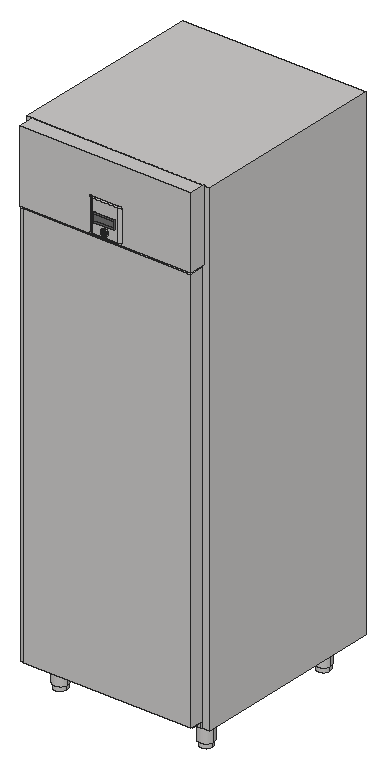
Revit family "QF_ELECTROLUXPROFESSIONAL_725395_ERX71FRH", category Specialty Equipment, Revit 2018
Family settings
  Round Connector Dimension = Use Diameter
  Part Type = Normal
  Work Plane-Based = No
  Always vertical = Yes
  Cut with Voids When Loaded = No
  Shared = No
  Room Calculation Point = No
Parameters (values of type "Standard")
  Weight = 106.00 kg
  Watts = 0 W
  Volts = 220 V
  URL Manufacturer = "http://professional.electrolux.com"
  URL = "http://professional.electrolux.com"
  Steam Supply Size = 0 mm
  Steam Supply Minimum Pressure = 0.0 Pa
  Steam Supply Maximum Pressure = 0.0 Pa
  Steam Pounds per Hour = 0
  Refrigeration Suction Line Size = 0 mm
  Refrigeration Liquid Line Size = 0 mm
  Refrigerant Compressor Remote = yes
  Manufacturer = "Electrolux Professional"
  Phase = 1
  Model = "ERX71FRH"
  Length Actual = 740 mm  # constant formula
  Item Number = "725395"
  Hot Water Size = 0 mm
  Height Actual = 2080 mm  # constant formula
  HP = "0.2 HP"
  Gas Size = 0 mm
  Gas KW = 0
  Gas Input Pressure = 0 W
  Direct Waste Size = 0 mm
  Description = "1-DOOR REFRIGERATOR 670L -2+10°C,DIGITAL WITH LIGHT, A304 - R290 - CLASS B"
  Depth Actual = 860 mm  # constant formula
  Cycle = 50 Hz
  Condensate Return Size = 0 mm
  Compressed Air Volume = 0.0 L/s
  Compressed Air Size = 0 mm
  Compressed Air Pressure = 0.0 Pa
  Cold Water Size = 0 mm
  Accessory = yes
Reference planes
  plane 1 "Center (Front/Back)": y = 0
  plane 2: z = 0
  plane 3 "Center (Left/Right)": x = 0
  plane 4 "BASE": z = 110
  plane 5 "TOP": z = 2080
  plane 6 "FRONT": y = -430
  plane 7 "BACK": y = 430
  plane 8 "LEFT": x = -370
  plane 9 "RIGHT": x = 370
Forms (mm)
  Extrusion 1, solid, material "QF_Finishes_Stainless Steel"
    sketch origin (-14.5, 0, 0) x (1, 0, 0) y (0, 1, 0)
      loop
        circle (-264, 333) r 25
      loop
        circle (293, 333) r 25
      loop
        circle (-280.5, -281) r 25
      loop
        circle (309.5, -281) r 25
    from 0 to 20
  Extrusion 2, solid, material "QF_Finishes_Stainless Steel"
    sketch origin (0, 0, 0) x (1, 0, 0) y (0, 1, 0)
      loop
        circle (-278.5, 333) r 30
      loop
        circle (278.5, 333) r 30
      loop
        circle (295, -281) r 30
      loop
        circle (-295, -281) r 30
    from 20 to 110
  Extrusion 3, solid, material "QF_Finishes_Stainless Steel"
    sketch origin (0, 0, 110) x (-1, 0, 0) y (0, -1, 0)
      loop
        line (370, -430) -> (370, 358) -> (-370, 358) -> (-370, -430) -> (370, -430)
    from 0 to 1970
  Extrusion 4, solid
    sketch origin (0, 430, 1690) x (-1, 0, 0) y (0, 0, 1)
      loop
        circle (354, 124) r 10
    from 0 to 3.2
  Extrusion 5, solid, material "QF_Door-Drawer Clearances", detail levels coarse
    sketch origin (-17, 0, 110) x (-1, 0, 0) y (0, -1, 0)
      loop
        line (-362, 422) -> (-298, 422) -> (-298, 1033) -> (-306, 1033) -> (-306, 1051) -> (-324, 1051) -> (-324, 1073) -> (-362, 1073) -> (-362, 422)
    from 1672.965 to 28
  Extrusion 6, solid, material "QF_Door-Drawer Clearances", detail levels coarse
    sketch origin (0, 0, 110) x (-1, 0, 0) y (0, -1, 0)
      loop
        line (-281, 422) -> (345.293, 422)
        arc (345.293, 422) -> (150.197, 878.811) -> (-307, 1073) r 665
        line (-307, 1073) -> (-307, 1051) -> (-289, 1051) -> (-289, 1033) -> (-281, 1033) -> (-281, 422)
    from 1672.965 to 28
  Extrusion 7, solid, material "QF_Clearances", detail levels coarse
    sketch origin (0, 0, 110) x (-1, 0, 0) y (0, -1, 0)
      loop
        line (370, 430) -> (370, -430) -> (-370, -430) -> (-370, 430) -> (-400, 430) -> (-400, -460) -> (400, -460) -> (400, 430) -> (370, 430)
    from -110 to 1970
  Extrusion 8, solid, material "QF_Clearances", detail levels coarse
    sketch origin (0, 0, 2080) x (-1, 0, 0) y (0, -1, 0)
      loop
        line (400, -460) -> (400, 430) -> (-400, 430) -> (-400, -460) -> (400, -460)
    from 0 to 500
  Extrusion 9, void
    sketch origin (0, 430, 0) x (-1, 0, 0) y (0, 0, 1)
      loop
        line (280, 1723.199) -> (-280, 1723.199) -> (-280, 179.492) -> (0, 170) -> (280, 179.199) -> (280, 1723.199)
    from -56 to -763
Cuts and joins
  joined: Extrusion 7, Extrusion 8
  Extrusion 9 cuts Extrusion 3
Lines and regions (mm)
  symbolic lines, style "SpecialityEquipmentHiddenLines"
    curve 1: line (345, -422, 110) -> (345, -1073, 110)
    curve 7: line (281, -422, 110) -> (281, -1033, 110)
    curve 8: line (281, -1033, 110) -> (289, -1033, 110)
    curve 9: line (289, -1033, 110) -> (289, -1051, 110)
    curve 10: line (289, -1051, 110) -> (307, -1051, 110)
    curve 11: line (307, -1051, 110) -> (307, -1073, 110)
    curve 12: line (307, -1073, 110) -> (345, -1073, 110)
  symbolic lines, style "QF_Clearances", detail levels coarse
    curve 2: line (-370, -430, 2080) -> (-400, -430, 2080)
    curve 3: line (-400, -430, 2080) -> (-400, 460, 2080)
    curve 4: line (-400, 460, 2080) -> (400, 460, 2080)
    curve 5: line (400, 460, 2080) -> (400, -430, 2080)
    curve 6: line (400, -430, 2080) -> (370, -430, 2080)
  symbolic lines
    curve 13: line (345, -422, 110) -> (-345, -422, 110)
Dimensions and locks
  plane 7 "BACK" to plane 1 "Center (Front/Back)" to plane 6 "FRONT" = 430 mm, 430 mm
  equal spacing: plane 8 "LEFT", plane 3 "Center (Left/Right)", plane 9 "RIGHT"
  plane 8 "LEFT" to plane 9 "RIGHT" = 740 mm
  plane 7 "BACK" to plane 6 "FRONT" = 860 mm
  plane 5 "TOP" to plane 2 = 2080 mm
  equal spacing: plane 9 "RIGHT", plane 3 "Center (Left/Right)", plane 8 "LEFT"
  aligned and locked: level to plane 2
Automatic sketch dimensions
  Extrusion 3 sketch curve to plane 7 "BACK" = 0 mm
  Extrusion 3 sketch curve to plane 9 "RIGHT" = 0 mm
  Extrusion 3 sketch curve to plane 8 "LEFT" = 0 mm
  plane 8 "LEFT" to Extrusion 4 sketch curve = 16 mm
  plane 4 "BASE" to Extrusion 4 sketch curve = 1704 mm
  Extrusion 7 sketch curve to plane 6 "FRONT" = 0 mm  (x2)
  Extrusion 7 sketch curve to plane 7 "BACK" = 0 mm
  Extrusion 7 sketch curve to plane 9 "RIGHT" = 0 mm
  Extrusion 7 sketch curve to plane 8 "LEFT" = 0 mm
  Extrusion 7 sketch curve to plane 9 "RIGHT" = 30 mm
  Extrusion 7 sketch curve to plane 8 "LEFT" = 30 mm
  plane 7 "BACK" to Extrusion 7 sketch curve = 30 mm
  Extrusion 8 sketch curve to plane 6 "FRONT" = 0 mm
  Extrusion 8 sketch curve to plane 9 "RIGHT" = 30 mm
  Extrusion 8 sketch curve to plane 8 "LEFT" = 30 mm
  plane 7 "BACK" to Extrusion 8 sketch curve = 30 mm
  plane 8 "LEFT" to Extrusion 1 sketch curve = 75 mm
  plane 8 "LEFT" to Extrusion 1 sketch curve = 91.5 mm
  plane 9 "RIGHT" to Extrusion 1 sketch curve = 91.5 mm
  plane 9 "RIGHT" to Extrusion 1 sketch curve = 75 mm
  plane 6 "FRONT" to Extrusion 1 sketch curve = 149 mm  (x2)
  Extrusion 1 sketch curve to plane 7 "BACK" = 97 mm  (x2)
  plane 8 "LEFT" to Extrusion 2 sketch curve = 75 mm
  plane 8 "LEFT" to Extrusion 2 sketch curve = 91.5 mm
  plane 9 "RIGHT" to Extrusion 2 sketch curve = 91.5 mm
  plane 9 "RIGHT" to Extrusion 2 sketch curve = 75 mm
  plane 6 "FRONT" to Extrusion 2 sketch curve = 149 mm  (x2)
  Extrusion 2 sketch curve to plane 7 "BACK" = 97 mm  (x2)
  plane 6 "FRONT" to Extrusion 3 sketch curve = 72 mm
  Extrusion 9 sketch curve to plane 3 "Center (Left/Right)" = 0 mm
  plane 9 "RIGHT" to Extrusion 9 sketch curve = 90 mm
  plane 8 "LEFT" to Extrusion 9 sketch curve = 90 mm
  plane 4 "BASE" to Extrusion 9 sketch curve = 60 mm
  plane 4 "BASE" to Extrusion 9 sketch curve = 69.199 mm
  plane 4 "BASE" to Extrusion 9 sketch curve = 69.492 mm
  Extrusion 9 sketch curve to plane 5 "TOP" = 356.801 mm
  curve 6 to plane 6 "FRONT" = 0 mm
  curve 6 to plane 9 "RIGHT" = 0 mm
  curve 2 to plane 6 "FRONT" = 0 mm
  curve 2 to plane 8 "LEFT" = 0 mm
  curve 5 to plane 9 "RIGHT" = 30 mm
  curve 3 to plane 8 "LEFT" = 30 mm
  plane 7 "BACK" to curve 4 = 30 mm
  plane 9 "RIGHT" to Extrusion 5 sketch curve = 25 mm
  plane 9 "RIGHT" to Extrusion 5 sketch curve = 81 mm
  plane 6 "FRONT" to Extrusion 5 sketch curve = 8 mm
  Extrusion 5 sketch curve to Extrusion 5 sketch curve = 64 mm
  Extrusion 5 sketch curve to plane 6 "FRONT" = 603 mm
  Extrusion 5 sketch curve to Extrusion 5 sketch curve = 18 mm  (x2)
  Extrusion 5 sketch curve to Extrusion 5 sketch curve = 22 mm
  plane 6 "FRONT" to Extrusion 6 sketch curve = 21.881 mm
  plane 9 "RIGHT" to Extrusion 6 sketch curve = 50.438 mm
  plane 9 "RIGHT" to Extrusion 6 sketch curve = 63 mm
  Extrusion 6 sketch curve to Extrusion 6 sketch curve = 18 mm  (x2)
  plane 6 "FRONT" to Extrusion 6 sketch curve = 8 mm
  Extrusion 6 sketch curve to Extrusion 6 sketch curve = 38.562 mm
  Extrusion 6 sketch curve to Extrusion 6 sketch curve = 22 mm
  plane 8 "LEFT" to Extrusion 6 sketch curve = 24.707 mm
  plane 9 "RIGHT" to curve 1 = 25 mm
  curve 1 to curve 11 = 38 mm
  curve 10 to curve 10 = 18 mm
  curve 8 to curve 7 = 8 mm
  plane 6 "FRONT" to curve 13 = 8 mm
  curve 8 to plane 6 "FRONT" = 603 mm
  curve 8 to curve 11 = 18 mm
  curve 10 to curve 11 = 22 mm
  plane 8 "LEFT" to curve 13 = 25 mm
  radius of Extrusion 1 sketch curve = 25 mm  (x4)
  radius of Extrusion 2 sketch curve = 30 mm  (x4)
  radius of Extrusion 4 sketch curve = 10 mm
Nested families
  nested 1: "QF_727996_Door" at (0, -358, 968.365) x (1, 0, 0) z (0, -1, 0), type "QF_727996_Door"
    with Show Clearance yes
  nested 2: "Freezer" at (370, -442.5, 110), type "Freezer"
Connectors
  electrical at (-354, 433.2, 1814), driven by "Volts"
    settings: on Extrusion 4, index 2, voltage 220 V, apparent load 0 VA, apparent load phase1 0 VA, apparent load phase2 0 VA, apparent load phase3 0 VA, power factor 1, load classification "Other", number of poles 1, system type 30, power factor state 1, is connector primary yes, connector utility no, sub classification motor no, connector description "Electrical Connection"
Definition of nested family "QF_727996_Door"
  Parameters
    Show Clearance [instance] = yes
    Model = "727996"
    Default Elevation = 1219.2 mm
  Reference planes
    plane 1 "Center (Front/Back)": y = 0
    plane 2: z = 0
    plane 3 "Center (Left/Right)": x = 0
  Forms (mm)
    Extrusion 1, solid
      sketch origin (0, -919.2, 0) x (1, 0, 0) y (0, 1, 0)
        loop
          line (-460, 2119.2) -> (-460, -162.846) -> (488.967, -162.846) -> (488.967, 2119.2) -> (-460, 2119.2)
      from 0 to -59.546
    Extrusion 2, solid
      sketch origin (0, 0, 0) x (1, 0, 0) y (0, 0, 1)
        loop
          line (-345, 64) -> (-345, 0) -> (345, 0) -> (345, 64) -> (-345, 64)
      from -1111.6 to -821.6
    Extrusion 3, solid
      sketch origin (0, 0, 0) x (1, 0, 0) y (0, 0, 1)
        loop
          line (-345, 60) -> (-345, 26) -> (-323, 26) -> (-323, 8) -> (-305, 8) -> (-305, 0) -> (337, 0) -> (337, 8) -> (345, 8) -> (345, 64) -> (-330, 64) -> (-345, 60)
      from -814.6 to 830.4
    Extrusion 4, solid
      sketch origin (117, -516.365, 0) x (0, 1, 0) y (0, 0, 1)
        loop
          line (-323.003, 40.312) -> (-316.501, 40.312) -> (-316.501, 42.812) -> (-325.503, 42.812) -> (-325.503, 2.5) -> (-342, 2.5) -> (-342, 0) -> (-323.003, 0) -> (-323.003, 12.259) -> (-323.003, 40.312)
        loop
          line (-314, 38.311) -> (-316.501, 38.311) -> (-316.501, 14.304) -> (-319.752, 14.304) -> (-319.752, 11.804) -> (-314, 11.804) -> (-314, 38.311)
      from 185 to 220
    Extrusion 5, solid
      sketch origin (117, 499.597, 0) x (0, 1, 0) y (0, 0, 1)
        loop
          line (315.003, 27.948) -> (315.003, 2.948) -> (315.003, 0) -> (322.003, 0) -> (322.003, 2.5) -> (317.503, 2.5) -> (317.503, 27.948) -> (315.003, 27.948)
      from 185 to 220
  Lines and regions (mm)
    symbolic lines
      curve 1: line (-345, 0, 64) -> (345, 0, 64)
      curve 2: line (-345, 0, 0) -> (-345, 0, 64)
      curve 3: line (345, 0, 0) -> (-345, 0, 0)
      curve 4: line (345, 0, 64) -> (345, 0, 0)
      curve 5: line (-345, 0, 26) -> (-323, 0, 26)
      curve 6: line (-323, 0, 26) -> (-323, 0, 8)
      curve 7: line (-323, 0, 8) -> (-305, 0, 8)
      curve 8: line (-305, 0, 8) -> (-305, 0, 0)
      curve 9: line (337, 0, 8) -> (345, 0, 8)
      curve 10: line (337, 0, 8) -> (337, 0, 0)
  Dimensions and locks
    aligned and locked: plane 2 to Extrusion 1
    aligned and locked: level to Extrusion 1
  Nested families
    nested 1: "QF_DisplayStandardCabinets" at (0, 891.6, 64), type "QF_DisplayStandardCabinets"
      with Show Clearance yes
  Definition of nested family "QF_DisplayStandardCabinets"
    Parameters
      Show Clearance [instance] = yes
      Model = "728658"
      Default Elevation = 1219.2 mm
    Reference planes
      plane 1 "Center (Front/Back)": y = 0
      plane 2: z = 0
      plane 3 "Center (Left/Right)": x = 0
    Forms (mm)
      Extrusion 1, solid
        sketch origin (0, -919.2, 0) x (1, 0, 0) y (0, 1, 0)
          loop
            line (-198.75, 1146.2) -> (-198.75, 709.567) -> (165.741, 709.567) -> (165.741, 1146.2) -> (-198.75, 1146.2)
        from 0 to -59.546
      Extrusion 2, solid
        sketch origin (-59, -44.611, 0) x (0, 1, 0) y (-1, 0, 0)
          loop
            circle (0.611, -59) r 14
        from 5 to 7
      Extrusion 3, solid
        sketch origin (744.635, 320.889, 0) x (0, 1, 0) y (-1, 0, 0)
          loop
            circle (-364.889, 744.635) r 10
          loop
            circle (-364.889, 744.635) r 9
        from 5 to 8
      Extrusion 4, solid
        sketch origin (744.635, 320.889, 0) x (0, 1, 0) y (-1, 0, 0)
          loop
            circle (-364.889, 744.635) r 8.7
        from 5 to 8
      Extrusion 5, void
        sketch origin (744.635, 320.889, 0) x (0, 1, 0) y (-1, 0, 0)
          loop
            line (-372.339, 745.885) -> (-372.339, 743.385) -> (-362.339, 743.385) -> (-362.339, 745.885) -> (-372.339, 745.885)
        from 8.592 to 6.269
      Blend 6, solid
        base sketch origin (365.719, -803.635, 0) x (1, 0, 0) y (0, 1, 0)
          loop
            arc (-424.229, 873.635) -> (-428.653, 871.803) -> (-430.485, 867.38) r 6.255
            line (-430.485, 867.38) -> (-430.485, 739.89)
            arc (-430.485, 739.89) -> (-428.653, 735.467) -> (-424.229, 733.635) r 6.255
            line (-424.229, 733.635) -> (-307.728, 733.635)
            arc (-307.728, 733.635) -> (-303.305, 735.467) -> (-301.473, 739.89) r 6.255
            line (-301.473, 739.89) -> (-301.473, 867.38)
            arc (-301.473, 867.38) -> (-303.305, 871.803) -> (-307.728, 873.635) r 6.255
            line (-307.728, 873.635) -> (-424.229, 873.635)
        top sketch origin (365.719, -803.635, 0) x (1, 0, 0) y (0, 1, 0)
          loop
            line (-418.756, 738.326) -> (-313.201, 738.326) -> (-313.201, 868.943) -> (-418.756, 868.943) -> (-418.756, 738.326)
        from 0 to 4
      Extrusion 7, solid
        sketch origin (744.635, 320.889, 0) x (0, 1, 0) y (-1, 0, 0)
          loop
            line (-372.339, 745.885) -> (-372.339, 743.385) -> (-362.339, 743.385) -> (-362.339, 745.885) -> (-372.339, 745.885)
        from 6 to 8
      Extrusion 8, void
        sketch origin (0, 0, 0) x (1, 0, 0) y (0, 1, 0)
          loop
            line (-53.037, 65.309) -> (-53.037, -65.309) -> (52.518, -65.309) -> (52.518, 65.309) -> (-53.037, 65.309)
        from 5 to 2
      Extrusion 9, solid
        sketch origin (0, 0, 0) x (1, 0, 0) y (0, 1, 0)
          loop
            line (-51.473, 63.745) -> (-51.473, -63.745) -> (50.954, -63.745) -> (50.954, 63.745) -> (-51.473, 63.745)
        from 2.2 to 4
      Extrusion 10, solid
        sketch origin (0, -30, 0) x (0, 1, 0) y (0, 0, 1)
          loop
            line (10.404, 4) -> (17.404, 4) -> (17.404, 8)
            arc (17.404, 8) -> (13.868, 7.749) -> (10.404, 7) r 25
            line (10.404, 7) -> (10.404, 4)
          loop
            arc (47.404, 7) -> (43.939, 7.749) -> (40.404, 8) r 25
            line (40.404, 8) -> (40.404, 4) -> (47.404, 4) -> (47.404, 7)
        from 40 to -40
      Extrusion 11, solid
        sketch origin (0, -30, 0) x (1, 0, 0) y (0, 1, 0)
          loop
            line (-40, 40.404) -> (-40, 17.404) -> (40, 17.404) -> (40, 40.404) -> (-40, 40.404)
        from 8 to 4
    Cuts and joins
      Extrusion 5 cuts Extrusion 4
      Extrusion 8 cuts Blend 6
      joined: Extrusion 10, Extrusion 11
    Lines and regions (mm)
      Split face 1
        outline origin (-41, 10.404, 8) x (-1, 0, 0) y (0, -1, 0)
          loop
            line (-72.157, 0.05) -> (-72.157, 10.5) -> (-78.157, 10.5) -> (-78.157, 0.05) -> (-72.157, 0.05)
      Split face 2
        outline origin (-50, 10.404, 8) x (-1, 0, 0) y (0, -1, 0)
          loop
            line (-72.157, 0.05) -> (-72.157, 10.5) -> (-78.157, 10.5) -> (-78.157, 0.05) -> (-72.157, 0.05)
      Split face 3
        outline origin (-50, 10.404, 8) x (-1, 0, 0) y (0, -1, 0)
          loop
            line (-72.157, 12.45) -> (-72.157, 22.9) -> (-78.157, 22.9) -> (-78.157, 12.45) -> (-72.157, 12.45)
      Split face 4
        outline origin (-50, 10.404, 8) x (-1, 0, 0) y (0, -1, 0)
          loop
            line (-81.157, 12.45) -> (-81.157, 22.9) -> (-87.157, 22.9) -> (-87.157, 12.45) -> (-81.157, 12.45)
      Split face 5
        outline origin (-50, 10.404, 8) x (-1, 0, 0) y (0, -1, 0)
          loop
            line (-13, 0.1) -> (-13, 22.9) -> (-69, 22.9) -> (-69, 0.1) -> (-13, 0.1)
      symbolic lines
        curve 1: line (52.518, 0, 4) -> (-53.037, 0, 4)
        curve 2: line (40, 0, 4) -> (40, 0, 8)
        curve 3: line (40, 0, 8) -> (-40, 0, 8)
        curve 4: line (-40, 0, 8) -> (-40, 0, 4)
        curve 5: line (-64.765, 0, 0) -> (-53.037, 0, 4)
        curve 6: line (52.518, 0, 4) -> (64.135, 0, 0)
    Dimensions and locks
      aligned and locked: plane 2 to Extrusion 1
      aligned and locked: level to Extrusion 1
Definition of nested family "Freezer"
  Reference planes
    plane 1 "Center (Front/Back)": y = 0
    plane 2: z = 0
    plane 3 "Center (Left/Right)": x = 0
  Lines and regions (mm)
    detail lines, in view "Ref. Level"
      curve 1: spline (-500, 190, 0) -> (-493.185, 166.706, 0) -> (-473.205, 145, 0) -> (-441.421, 126.36, 0) -> (-400, 112.058, 0) -> (-351.764, 103.067, 0) -> (-300, 100, 0) -> (-248.236, 103.067, 0) -> (-200, 112.058, 0) -> (-158.579, 126.36, 0) -> (-126.795, 145, 0) -> (-106.815, 166.706, 0) -> (-100, 190, 0) -> (-106.815, 213.294, 0) -> (-126.795, 235, 0) -> (-158.579, 253.64, 0) -> (-200, 267.942, 0) -> (-248.236, 276.933, 0) -> (-300, 280, 0) -> (-351.764, 276.933, 0) -> (-400, 267.942, 0) -> (-441.421, 253.64, 0) -> (-473.205, 235, 0) -> (-493.185, 213.294, 0) -> (-500, 190, 0)
      curve 2: line (-220, 130, 0) -> (-220, 250, 0)
      curve 3: line (-271.962, 220, 0) -> (-168.038, 160, 0)
      curve 4: line (-271.962, 160, 0) -> (-168.038, 220, 0)
      curve 5: line (-200.884, 246.873, 0) -> (-220, 225, 0)
      curve 6: line (-220, 225, 0) -> (-239.116, 246.873, 0)
      curve 7: line (-250.311, 207.5, 0) -> (-260, 235.883, 0)
      curve 8: line (-279.736, 201.7, 0) -> (-250.311, 207.5, 0)
      curve 9: line (-250.311, 172.5, 0) -> (-279.736, 178.3, 0)
      curve 10: line (-260, 144.117, 0) -> (-250.311, 172.5, 0)
      curve 11: line (-220, 155, 0) -> (-239.116, 133.127, 0)
      curve 12: line (-200.884, 133.127, 0) -> (-220, 155, 0)
      curve 13: line (-189.689, 172.5, 0) -> (-180.304, 145.008, 0)
      curve 14: line (-161.188, 178.118, 0) -> (-189.689, 172.5, 0)
      curve 15: line (-189.689, 207.5, 0) -> (-161.188, 201.882, 0)
      curve 16: line (-180.304, 234.992, 0) -> (-189.689, 207.5, 0)
      curve 17: line (-380, 130, 0) -> (-380, 250, 0)
      curve 18: line (-431.962, 220, 0) -> (-328.038, 160, 0)
      curve 19: line (-431.962, 160, 0) -> (-328.038, 220, 0)
      curve 20: line (-360.884, 246.873, 0) -> (-380, 225, 0)
      curve 21: line (-380, 225, 0) -> (-399.116, 246.873, 0)
      curve 22: line (-410.311, 207.5, 0) -> (-419.696, 234.992, 0)
      curve 23: line (-438.812, 201.882, 0) -> (-410.311, 207.5, 0)
      curve 24: line (-410.311, 172.5, 0) -> (-438.812, 178.118, 0)
      curve 25: line (-419.696, 145.008, 0) -> (-410.311, 172.5, 0)
      curve 26: line (-380, 155, 0) -> (-399.116, 133.127, 0)
      curve 27: line (-360.884, 133.127, 0) -> (-380, 155, 0)
      curve 28: line (-349.689, 172.5, 0) -> (-340, 144.117, 0)
      curve 29: line (-320.264, 178.3, 0) -> (-349.689, 172.5, 0)
      curve 30: line (-349.689, 207.5, 0) -> (-320.264, 201.7, 0)
      curve 31: line (-340, 235.883, 0) -> (-349.689, 207.5, 0)
